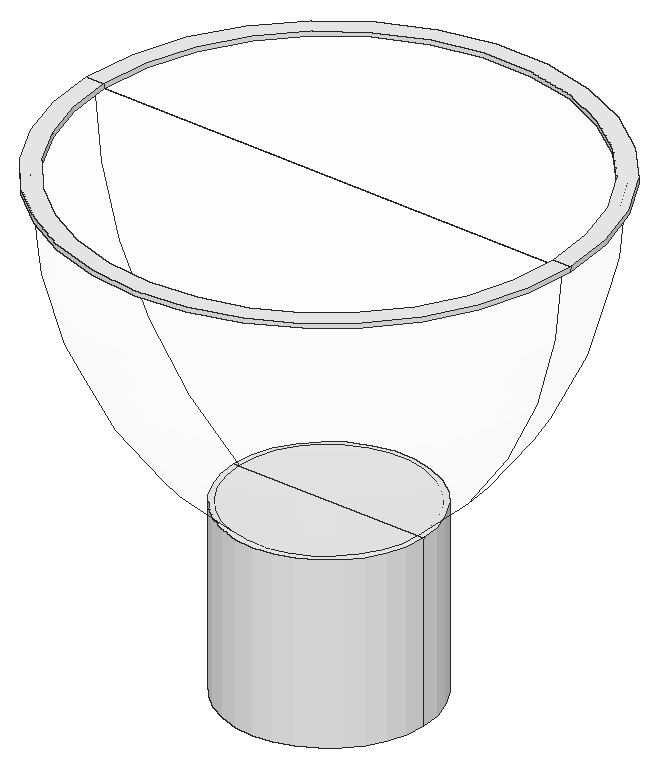
Revit family "LBX2", category Lighting Fixtures, host Face, Revit 2014
Parameters (values of type "LBX2 - DB")
  Watts = 102 W
  Wattage = 101.3 W
  Warranty = "Five Years Warranty"  # constant formula
  built-in parameter 1150110 = 1 (stored number, unit not read)
  Voltage = 120 V
  URL = "https://www.hubbell.com/hubbellindustriallighting/en/"
  Type Comments = "Lighting Fixture"  # constant formula
  built-in parameter 1114217 = 1 (stored number, unit not read)
  Tilt Angle = -90.00°
  built-in parameter 1150109 = 1 (stored number, unit not read)
  built-in parameter 1150134 = 12
  built-in parameter 1150113 = 1 (stored number, unit not read)
  Product Page URL = "https://www.hubbell.com/hubbelllightingci/en/Products/Lighting-Controls/Industrial-Lighting/Highbays-Lowbays/LBX2/p/2319532"
  Product Documentation Link = "https://hubbellcdn.com/specsheet/hil_0424_lbx2_s_17.pdf"
  Power Factor = 0.9
  Photometric Web Link = "https://www.hubbell.com/hubbelllightingci/en/Products/Lighting-Controls/Industrial-Lighting/Highbays-Lowbays/LBX2/p/2319532"
  Photometric Web File = "LBX2-LO-U-4K-A2-ND-AL23-WH.ies"
  Photometric Notes = "More IES files Download on Photometric Web Link"  # constant formula
  Model = "LBX2"  # constant formula
  Manufacturer = "Hubbell Industrial Lighting"  # constant formula
  built-in parameter 1150105 = 740.02 (stored number, unit not read)
  Lumens = 9299.34 lm
  built-in parameter 1150115 = 1 (stored number, unit not read)
  Load Classification = Lighting
  built-in parameter 1150137 = (empty or 0)
  built-in parameter 1150139 = (empty or 0)
  Glass Material = Hubbell - White Glass
  built-in parameter 1150112 = 1 (stored number, unit not read)
  built-in parameter 1150114 = 1 (stored number, unit not read)
  Lamp = "LED's"  # constant formula
  built-in parameter 1150132 = (empty or 0)
  built-in parameter 1150102 = (empty or 0)
  built-in parameter 1150107 = 4000 (stored number, unit not read)
  built-in parameter 1150138 = (empty or 0)
  built-in parameter 1150106 = 7.4002 (stored number, unit not read)
  Material Finish = Hubbell - White
  Emit from Circle Diameter = 8.000"  # constant formula
  Emit Shape Visible in Rendering = no
  built-in parameter 1150104 = 8.5285 (stored number, unit not read)
  Dimming Lamp Color Temperature Shift = <None>
  Description = "Lunabay2 Decorative LED Highbay"  # constant formula
  Default Elevation = 48.000"
  Create Date = "03/01/2018"  # constant formula
  Contact Us = "https://www.hubbell.com/hubbellindustriallighting/en/contactUs"
  Color Filter = 16777215
  built-in parameter 1114218 = 1 (stored number, unit not read)
  built-in parameter 1150133 = 10 (stored number, unit not read)
  Assembly Code = "D5020200"
  Apparent Load = 0 VA
Reference planes (in)
  plane 1 "Center (Front/Back)": y = 0
  plane 2: z = 0
  plane 3 "Center (Left/Right)": x = 0
Dimensions and locks (in)
  aligned and locked: plane 2 to host face
  aligned and locked: level to host face
  aligned and locked: plane 3 "Center (Left/Right)" to nested 1
  aligned and locked: plane 1 "Center (Front/Back)" to nested 1
  aligned and locked: plane 3 "Center (Left/Right)" to imposter light
  aligned and locked: plane 2 to nested 1
  aligned and locked: imposter light to nested 1
Nested families (in)
  nested 1: "LBX" at (0, 0, 0), Finish <- "Material Finish", Lens <- "Glass Material", type "LBX"
    with Lens Hubbell - White Glass, Finish Hubbell - White
Connectors (in)
  electrical at (0, 0, 0), driven by "Load Classification", driven by "Voltage", driven by "Apparent Load", driven by "Power Factor"
    settings: on nested 1, index 1, voltage 120 V, apparent load 0 VA, apparent load phase1 0 VA, apparent load phase2 0 VA, apparent load phase3 0 VA, power factor 0.9, load classification "Lighting", number of poles 1, system type 30, power factor state 1, is connector primary yes, connector utility no, sub classification motor no, connector description "Lighting Connector"
Definition of nested family "LBX"
  Parameters (values of type "LBX")
    URL = ""
    Manufacturer = ""
    Lens [instance] = none
    Finish [instance] = none
  Reference planes (in)
    plane 1 "Center (Front/Back)": y = 0
    plane 2: z = 0
    plane 3 "Center (Left/Right)": x = 0
    plane 4: z = 22
    plane 5: x = -11.5
    plane 6: x = 11.5
    plane 7: z = 8
    plane 8: x = -10.66328
  Forms (in)
    Revolve 1, solid, material <- "Finish"
      sketch origin (0, 0, 0) x (1, 0, 0) y (0, 0, 1)
        loop
          line (10.67534, 22) -> (10.67534, 21.80175) -> (11.5, 21.80175) -> (11.5, 22) -> (10.67534, 22)
        axis (0, 22) -> (0, 21.80175)
      angle from 0 to 360
    Revolve 2, solid, material <- "Finish"
      sketch origin (0, 0, 0) x (1, 0, 0) y (0, 0, 1)
        loop
          line (0, 0) -> (4.5, 0) -> (4.5, 8) -> (0, 8) -> (0, 0)
        axis (0, 8) -> (0, 0)
      angle from 0 to 360
    Revolve 3, solid, material <- "Lens"
      sketch origin (0, 0, 0) x (1, 0, 0) y (0, 0, 1)
        loop
          line (0, 21.80175) -> (0, 8) -> (4.25, 8)
          arc (4.25, 8) -> (9.26884, 14.11144) -> (11.11213, 21.80175) r 17.63437
          line (11.11213, 21.80175) -> (0, 21.80175)
        axis (0, 21.80175) -> (0, 8)
      angle from 0 to 360
  Dimensions and locks (in)
    plane 4 to level = 22.000"
    plane 5 to plane 3 "Center (Left/Right)" = 11.500"
    equal spacing: plane 5, plane 3 "Center (Left/Right)", plane 6
    plane 5 to plane 6 = 23.000"
    plane 7 to level = 8.000"
    locked: Revolve 1 sketch curve to Revolve 1 sketch curve at 0.19825
    locked: plane 5 to plane 8 at 0.83672
    locked: plane 6 to Revolve 1 sketch curve at 0.82466
    aligned and locked: plane 2 to level
    aligned and locked: Revolve 1 sketch curve to plane 4
    aligned and locked: Revolve 1 sketch curve to plane 3 "Center (Left/Right)"
    aligned and locked: Revolve 2 sketch curve to plane 3 "Center (Left/Right)"
    aligned and locked: Revolve 2 sketch curve to level
    aligned and locked: plane 7 to Revolve 2 sketch curve
    aligned and locked: Revolve 3 sketch curve to plane 3 "Center (Left/Right)"
    aligned and locked: Revolve 1 sketch curve to plane 6
    aligned and locked: Revolve 3 sketch curve to Revolve 1
    aligned and locked: Revolve 3 sketch curve to Revolve 2
    aligned and locked: plane 3 "Center (Left/Right)" to Revolve 3 sketch curve
    aligned and locked: plane 7 to Revolve 3 sketch curve
  Automatic sketch dimensions
    Revolve 2 sketch curve to Revolve 2 sketch curve = 24.000"
    plane 4 to Revolve 2 sketch curve = 80.71882"
    Revolve 1 sketch curve to level = 24.000"
    plane 4 to Revolve 1 sketch curve = 80.71882"
    Revolve 2 sketch curve to plane 3 "Center (Left/Right)" = 0.000"
    Revolve 2 sketch curve to plane 6 = 7.000"
    Revolve 3 sketch curve to plane 4 = 0.03771"
    Revolve 3 sketch curve to Revolve 3 sketch curve = 4.250"
    Revolve 3 sketch curve to level = 24.000"
    plane 4 to Revolve 3 sketch curve = 80.71882"
    plane 8 to Revolve 3 sketch curve = 4.14178"
